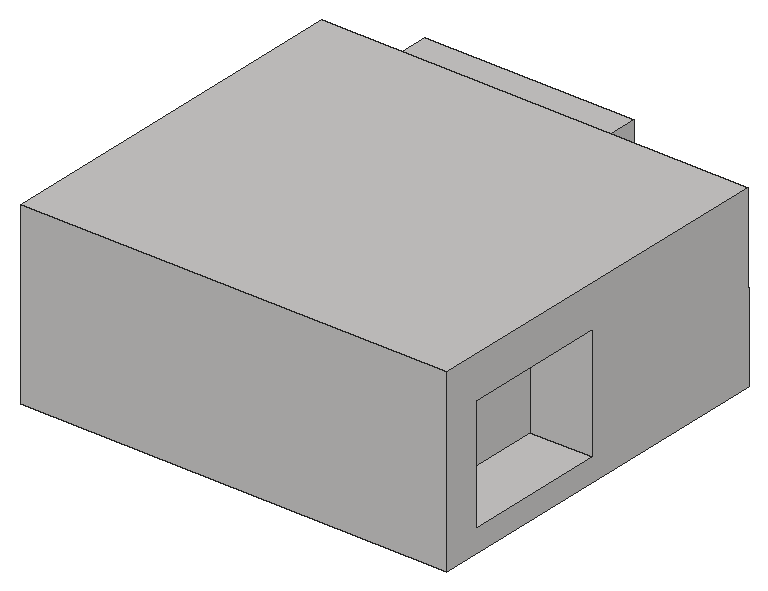
Revit family
Parameters
  Width = 3' - 0 1/8"
  Voltage = 120 V
  Unit Weight = "145.0 lbs"
  UltraLoc Liner = Choose Liner Option = 3  # no
  URL = "http://www.titus-hvac.com/"
  UL = "181"
  Supply Air Flow [instance] = 0 CFM
  SteriLoc Liner = Choose Liner Option = 2  # no
  Primary Air Pressure Drop [instance] = 0.00 in-wg
  Primary Air Flow [instance] = 0 CFM
  Plenum Air Pressure Drop [instance] = 0.00 in-wg
  Plenum Air Flow [instance] = 0 CFM
  Outlet Width = 1' - 2"
  Outlet Vertical Offset = 0' - 1 1/8"
  Outlet Horizontal Offset = 0' - 1 3/8"
  Outlet Height = 0' - 11"
  Number of Poles = 1
  Nominal Width = Width + 0' 6 1/4"  # 3' - 6 3/8"
  Nominal Length = Length + 0' 3 3/8"  # 3' - 8 1/4"
  Nominal Inlet Size = 0' - 10"
  Nominal Height = 1' - 5 1/8"
  NFPA = "90A"
  Motor Full Load Amps = 4 A
  Model = "DTQS"
  Min. Air Flow = 0 CFM
  Max. Air Flow = 0 CFM
  Material = Galvanized Steel
  Manufacturer = "Titus"
  Length = 3' - 4 7/8"
  Juction Box Offset = 0' - 4 7/8"
  Inlet Diameter = Nominal Inlet Size - 0' 0 1/8"  # 0' - 9 7/8"
  Induced Air Inlet Offset = 0' - 4 1/2"
  Induced Air Inlet Width = 1' - 1 1/4"
  Induced Air Inlet Height = 1' - 2 1/2"
  Induced Air Filter = no
  Heating Total Capacity [instance] = 0 Btu/h
  Half Outlet Connection Width = Outlet Width / 2  # 0' - 7"
  Half Outlet Connection Height = Outlet Height / 2  # 0' - 5 1/2"
  Half Height Start = -(Nominal Height / 2)  # -0' - 8 9/16"
  Half Height End = Nominal Height / 2  # 0' - 8 9/16"
  HP-Motor = "1/6"
  Frequency = 60 Hz
  Filter Size = "19\"x17\""
  Fiber Free Liner = Choose Liner Option = 1  # no
  Fan Disconnect Switch = no
  Duct Radius = Nominal Inlet Size / 2  # 0' - 5"
  Description = "Series Fan Powered Terminal Unit, Direct Digital Control, Pressure Independent"
  Connection Void Radius = Connection Radius - 0' 0 1/4"  # 0' - 4 11/16"
  Connection Radius = Inlet Diameter / 2  # 0' - 4 15/16"
  Choose Liner Option = 0
  CADworks URL = "www.CADworks.net"
  Assembly Code = "D3040100"
  Apparent Power = Voltage * Motor Full Load Amps  # 480 VA
  Air Inlet Offset = 0' - 7"
  1/2" Fiberglass Liner = Choose Liner Option = 0  # yes
Reference planes (in)
  plane 1 "Center (Front/Back)": y = 0
  plane 2: z = 0
  plane 3 "Center (Left/Right)": x = 3
  plane 4: x = -17.4375
  plane 5: x = 23.4375
  plane 6: x = -12.5625
  plane 7: x = -20.8125
  plane 8 "Center (Elevation)": z = 0
  plane 9: y = -18.0625
  plane 10: y = 18.0625
  plane 11: y = 11.0625
  plane 12: y = -13.5625
  plane 13: x = -11.4375
  plane 14: x = 17.4375
  plane 15: y = 24.3125
  plane 16: z = 8.5625
  plane 17: z = -8.5625
Forms (in)
  Extrusion 1, solid, material "Galvanized Steel" <- "Material"
    sketch origin (61, -3.76302, 78.80279) x (1, 0, 0) y (0, 1, 0)
      loop
        line (-78.4375, 21.82552) -> (-78.4375, -14.29948) -> (-37.5625, -14.29948) -> (-37.5625, 21.82552) -> (-78.4375, 21.82552)
    from -87.36529 <- "Half Height Start" to -70.24029 <- "Half Height End"
  Extrusion 2, solid, material "Galvanized Steel" <- "Material"
    sketch origin (6.0625, 0, 42) x (1, 0, 0) y (0, 1, 0)
      loop
        line (-18.625, 18.0625) -> (1.375, 18.0625) -> (1.375, 24.3125) -> (-18.625, 24.3125) -> (-18.625, 18.0625)
    from -48 to -36
  Extrusion 3, void
    sketch origin (23.4375, 18.0625, 76.42779) x (0, 1, 0) y (0, 0, -1)
      loop
        line (-18.625, 71.86529) -> (-18.625, 82.86529) -> (-32.625, 82.86529) -> (-32.625, 71.86529) -> (-18.625, 71.86529)
    from 0 to 6
  Extrusion 4, solid, material "Galvanized Steel" <- "Material"
    sketch origin (-24.875, -0.4375, 0) x (0, 0, -1) y (0, 1, 0)
      loop
        circle (0, 11.5) r 4.9375
    from 4.0625 to 7.4375
  Extrusion 5, void
    sketch origin (-24.875, 0, 0) x (0, 1, 0) y (0, 0, 1)
      loop
        circle (11.0625, 0) r 4.6875
    from 4.0625 to 13.4375
  Extrusion 6, void
    sketch origin (-17.4375, -18.0625, 78.67779) x (0, -1, 0) y (0, 0, -1)
      loop
        line (-17.75, 71.49029) -> (-4.5, 71.49029) -> (-4.5, 85.99029) -> (-17.75, 85.99029) -> (-17.75, 71.49029)
    from 0 to 6
Cuts and joins
  Extrusion 3, Extrusion 5, Extrusion 6 cuts Extrusion 1
  Extrusion 5 cuts Extrusion 4
Dimensions and locks (in)
  "Length": plane 5 to plane 4
  equal spacing: plane 5, plane 3 "Center (Left/Right)", plane 4
  locked: Extrusion 2 to plane 6 at 0
  locked: Extrusion 2 to Extrusion 2 at 20
  "Juction Box Offset": plane 6 to plane 4
  "Outlet Height": Extrusion 3 sketch curve to Extrusion 3 sketch curve
  "Outlet Width": Extrusion 3 sketch curve to Extrusion 3 sketch curve
  locked: plane 4 to plane 7 at 3.375
  "Width": plane 9 to plane 10
  equal spacing: plane 9, plane 1 "Center (Front/Back)", plane 10
  locked: Extrusion 4 sketch curve to level at 0
  locked: Extrusion 4 sketch curve to plane 11 at 0
  locked: Extrusion 5 sketch curve to level at 0
  locked: Extrusion 5 sketch curve to plane 11 at 0
  locked: Extrusion 2 to Extrusion 2 at 6.25
  "Air Inlet Offset": plane 10 to plane 11
  locked: Extrusion 2 to plane 10 at 0
  locked: cut or joined group of Extrusion 4, Extrusion 5 to plane 7 at 0
  locked: cut or joined group of Extrusion 4, Extrusion 5 to cut or joined group of Extrusion 4, Extrusion 5 at 3.375
  "Induced Air Inlet Offset": plane 9 to plane 12
  "Induced Air Inlet Width": Extrusion 6 sketch curve to Extrusion 6 sketch curve
  "Induced Air Inlet Height": Extrusion 6 sketch curve to Extrusion 6 sketch curve
  "Induced Air Inlet Offset": Extrusion 6 sketch curve to plane 9
  locked: plane 9 to Extrusion 3 sketch curve at 3.5
  cut or joined group of Extrusion 1, Extrusion 3, Extrusion 5, Extrusion 6 to Extrusion 6 sketch curve = 0' - 1 3/8"
  cut or joined group of Extrusion 1, Extrusion 3, Extrusion 5, Extrusion 6 to Extrusion 3 sketch curve = 0' - 2 1/8"
  locked: Extrusion 2 to Extrusion 2 at 12
  equal spacing: Extrusion 2, level, Extrusion 2
  locked: cut or joined group of Extrusion 1, Extrusion 3, Extrusion 5, Extrusion 6 to cut or joined group of Extrusion 1, Extrusion 3, Extrusion 5, Extrusion 6 at 17.125
  equal spacing: cut or joined group of Extrusion 1, Extrusion 3, Extrusion 5, Extrusion 6, level, cut or joined group of Extrusion 1, Extrusion 3, Extrusion 5, Extrusion 6
  locked: plane 4 to plane 13 at 6
  locked: plane 14 to plane 5 at 6
  "Connection Radius": radius of Extrusion 4 sketch curve
  "Connection Void Radius": radius of Extrusion 5 sketch curve
  aligned and locked: cut or joined group of Extrusion 1, Extrusion 3, Extrusion 5, Extrusion 6 to plane 10
  aligned and locked: plane 9 to cut or joined group of Extrusion 1, Extrusion 3, Extrusion 5, Extrusion 6
  aligned and locked: plane 5 to cut or joined group of Extrusion 1, Extrusion 3, Extrusion 5, Extrusion 6
  aligned and locked: cut or joined group of Extrusion 1, Extrusion 3, Extrusion 5, Extrusion 6 to plane 4
  aligned and locked: Extrusion 3 to plane 14
  aligned and locked: plane 13 to Extrusion 6
  aligned and locked: Extrusion 6 to Extrusion 5
  aligned and locked: plane 16 to cut or joined group of Extrusion 1, Extrusion 3, Extrusion 5, Extrusion 6
Automatic sketch dimensions
  plane 4 to Extrusion 1 sketch curve = 0' - 0"
  plane 5 to Extrusion 1 sketch curve = 0' - 0"
  plane 9 to Extrusion 1 sketch curve = 0' - 0"
  plane 10 to Extrusion 1 sketch curve = 0' - 0"
  Extrusion 2 sketch curve to plane 6 = 0' - 0"
  Extrusion 2 sketch curve to plane 10 = 0' - 0"
  plane 3 "Center (Left/Right)" to Extrusion 2 sketch curve = 0' - 4 7/16"
  Extrusion 2 sketch curve to plane 10 = 0' - 6 1/4"
Connectors (in)
  electrical at (-2.5625, 24.3125, 0), driven by "Apparent Power", driven by "Voltage", driven by "Number of Poles"
    settings: on Extrusion 2, index 8
  hvac at (-20.8125, 11.0625, 0), driven by "Primary Air Flow", driven by "Duct Radius", driven by "Primary Air Pressure Drop"
    settings: on cut or joined group of Extrusion 4, Extrusion 5, index 9
  hvac at (-17.4375, -6.9375, -0.0625), driven by "Induced Air Inlet Width", driven by "Induced Air Inlet Height", driven by "Plenum Air Pressure Drop", driven by "Plenum Air Flow"
    settings: on cut or joined group of Extrusion 1, Extrusion 3, Extrusion 5, Extrusion 6, index 14
  hvac at (23.4375, -7.5625, -0.9375), driven by "Supply Air Flow", driven by "Outlet Width", driven by "Outlet Height"
    settings: on cut or joined group of Extrusion 1, Extrusion 3, Extrusion 5, Extrusion 6, index 15
